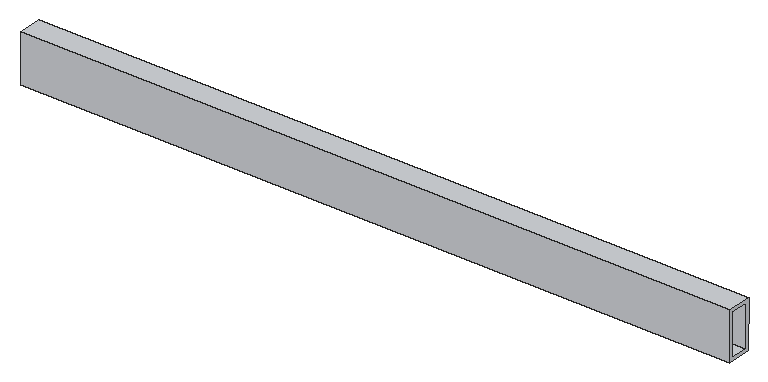
Revit family "ФП_Лонжерон", category Обобщенные модели, Revit 2026
Family settings
  Может служить основой для арматурных стержней = Нет
  Размер круглого соединителя = Использовать диаметр
  Тип детали = Нормальный
  При загрузке вырезать с полостями = Нет
  Сохранять ориентацию аннотаций = Нет
  Общий = Нет
  Точка принадлежности помещению = Нет
Parameters (values of type "Низ_40x80")
  Default Elevation = 0 mm
  built-in parameter 1001306 [instance] = 1200 mm
  FP_Ширина_Профиля = 40 mm
  FP_Толщина_Профиля = 5 mm
  FP_Типоразмер = "80x40x5"
  FP_Тип_Лонжерона [instance] = ""
  FP_Ось_Направления [instance] = ""
  FP_Марка [instance] = ""
  FP_Зона [instance] = ""
  FP_Высота_Профиля = 80 mm
Types (4, lengths in mm): name | FP_Ширина_Профиля | FP_Типоразмер | FP_Высота_Профиля
  Верх_80x40 | 80 | "80x40x5" | 40
  80x50x5 | 80 | "80x50x5" | 50
  100x40x5 | 100 | "100x40x5" | 40
  Низ_40x80 | 40 | "80x40x5" | 80
Reference planes
  plane 1 "По центру (Вперед/Назад)": y = 0
  plane 2: z = 0
  plane 3 "Слева": x = 0
  plane 4 "Справа": x = 1200
  plane 5: y = 20
  plane 6: y = -20
  plane 7: z = 80
  plane 8: y = 15
  plane 9: y = -15
  plane 10: z = 75
  plane 11: z = 5
Forms (mm)
  Extrusion 1, solid
    sketch origin (0, 0, 45) x (0, 1, 0) y (0, 0, 1)
      loop
        line (20, 35) -> (-20, 35) -> (-20, -45) -> (20, -45) -> (20, 35)
      loop
        line (15, 30) -> (-15, 30) -> (-15, -40) -> (15, -40) -> (15, 30)
    from 0 to 1200
Lines and regions (mm)
  reference lines
    curve 1: line (0, 0, 0) -> (1200, 0, 0)
Dimensions and locks
  "built-in parameter 1001306": plane 3 "Слева" to plane 4 "Справа"
  "FP_Ширина_Профиля": plane 5 to plane 6
  equal spacing: plane 5, plane 1 "По центру (Вперед/Назад)", plane 6
  "FP_Высота_Профиля": plane 7 to level
  "FP_Толщина_Профиля": plane 7 to plane 10
  "FP_Толщина_Профиля": plane 9 to plane 6
  "FP_Толщина_Профиля": plane 5 to plane 8
  "FP_Толщина_Профиля": plane 11 to plane 2
  aligned and locked: plane 4 "Справа" to curve 1
  aligned and locked: plane 1 "По центру (Вперед/Назад)" to curve 1
  aligned and locked: plane 3 "Слева" to curve 1
  aligned and locked: level to plane 2
  aligned and locked: Extrusion 1 to curve 1
  aligned and locked: plane 5 to Extrusion 1
  aligned and locked: Extrusion 1 to plane 6
  aligned and locked: plane 7 to Extrusion 1
  aligned and locked: plane 10 to Extrusion 1 sketch curve
  aligned and locked: Extrusion 1 sketch curve to plane 8
  aligned and locked: plane 9 to Extrusion 1 sketch curve
  aligned and locked: Extrusion 1 to level
  aligned and locked: plane 11 to Extrusion 1
Automatic sketch dimensions
  Extrusion 1 sketch curve to plane 6 = 0 mm
  Extrusion 1 sketch curve to plane 5 = 0 mm
  plane 7 to Extrusion 1 sketch curve = 0 mm
  level to Extrusion 1 sketch curve = 5 mm
  Extrusion 1 sketch curve to Extrusion 1 sketch curve = 5 mm
